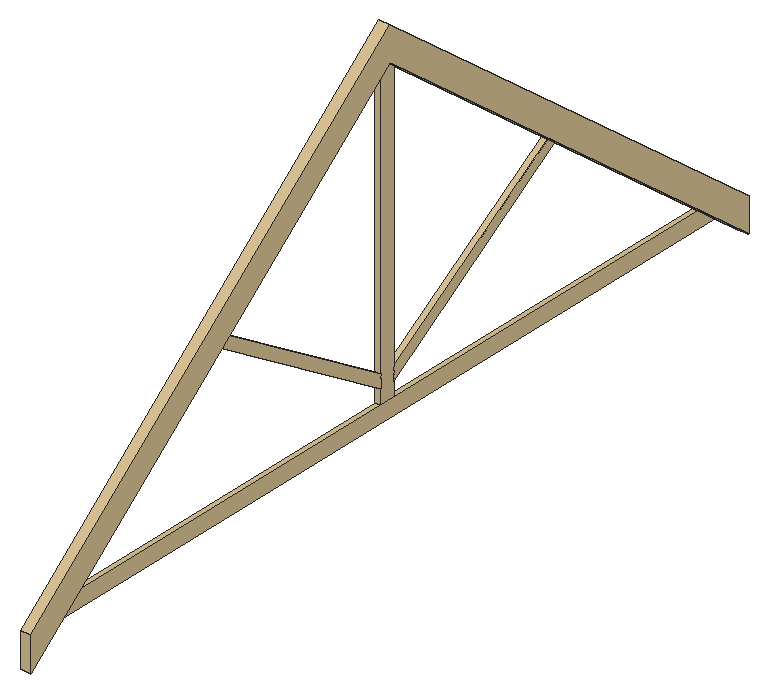
Revit family
Parameters
  Top Boom Thickness = 100 mm
  Top Boom Depth = 250 mm
  Strut Springing = 300 mm
  Span = 7500 mm
  Pitch = 38.00°
  Overhang = 350 mm
  Material Truss = Wood - Timber
  King Post Thickness = Bttm Boom Thickness  # 50 mm
  King Post Depth = 150 mm
  Keynote = "G20/350"
  Internals Thickness = Bttm Boom Thickness  # 50 mm
  Internals Depth = 100 mm
  Bttm Boom Thickness = 50 mm
  Bttm Boom Depth = 150 mm
Reference planes
  plane 1 "End1": y = 0
  plane 2: z = 0
  plane 3 "Center (Left/Right)": x = 0
  plane 4 "End2": y = 7500
  plane 5: y = 3750
  plane 6: y = -350
  plane 7: y = 7850
  plane 8: z = 300
  plane 9: y = 1875
  plane 10: y = 5625
Forms (mm)
  Extrusion 1, solid, material "Wood - Timber" <- "Material Truss"
    sketch origin (0, 0, 0) x (0, 1, 0) y (0, 0, 1)
      loop
        line (3675, 150) -> (3825, 150) -> (3825, 2871.225) -> (3750, 2929.821) -> (3675, 2871.225) -> (3675, 150)
    from 25 to -25
  Extrusion 2, solid, material "Wood - Timber" <- "Material Truss"
    sketch origin (0, 0, 0) x (0, 1, 0) y (0, 0, 1)
      loop
        line (1916.969, 1497.7) -> (1833.031, 1432.121) -> (3675, 287.732) -> (3675, 405.461) -> (1916.969, 1497.7)
      loop
        line (5666.969, 1432.121) -> (5583.031, 1497.7) -> (3825, 405.461) -> (3825, 287.732) -> (5666.969, 1432.121)
    from 25 to -25
  Extrusion 3, solid, material "Wood - Timber" <- "Material Truss"
    sketch origin (0, 0, 0) x (0, 1, 0) y (0, 0, 1)
      loop
        line (0, 0) -> (7500, 0) -> (7308.009, 150) -> (191.991, 150) -> (0, 0)
    from 25 to -25
  Extrusion 4, solid, material "Wood - Timber" <- "Material Truss"
    sketch origin (0, 0, 0) x (0, 1, 0) y (0, 0, 1)
      loop
        line (-350, -273.45) -> (3750, 2929.821) -> (7850, -273.45) -> (7850, 43.805) -> (3750, 3247.076) -> (-350, 43.805) -> (-350, -273.45)
    from 50 to -50
Lines and regions (mm)
  symbolic lines, style "InvisibleLines"
    curve 1: line (0, 0, 0) -> (0, 4334.059, 3386.138)
    curve 2: line (0, 7500, 0) -> (0, 3165.941, 3386.138)
    curve 3: line (0, 3750, 300) -> (0, 1875, 1464.911)
    curve 4: line (0, 3750, 300) -> (0, 5625, 1464.911)
Dimensions and locks
  "Span": plane 4 "End2" to plane 1 "End1"
  equal spacing: plane 1 "End1", plane 5, plane 4 "End2"
  "Overhang": plane 6 to plane 1 "End1"
  "Overhang": plane 7 to plane 4 "End2"
  equal spacing: Extrusion 1 sketch curve, plane 5, Extrusion 1 sketch curve
  "King Post Depth": Extrusion 1 sketch curve to Extrusion 1 sketch curve
  "Strut Springing": plane 8 to level
  equal spacing: plane 1 "End1", plane 9, plane 5
  equal spacing: plane 5, plane 10, plane 4 "End2"
  equal spacing: Extrusion 2 sketch curve, curve 3, Extrusion 2 sketch curve
  "Internals Depth": Extrusion 2 sketch curve to Extrusion 2 sketch curve  (x2)
  equal spacing: Extrusion 2 sketch curve, curve 4, Extrusion 2 sketch curve
  "Bttm Boom Depth": Extrusion 3 sketch curve to level
  equal spacing: Extrusion 3, plane 3 "Center (Left/Right)", Extrusion 3
  "Bttm Boom Thickness": Extrusion 3 to Extrusion 3
  equal spacing: Extrusion 1, plane 3 "Center (Left/Right)", Extrusion 1
  "King Post Thickness": Extrusion 1 to Extrusion 1
  "Top Boom Depth": curve 1 to Extrusion 4 sketch curve
  "Top Boom Depth": Extrusion 4 sketch curve to curve 2
  equal spacing: Extrusion 4, plane 3 "Center (Left/Right)", Extrusion 4
  "Top Boom Thickness": Extrusion 4 to Extrusion 4
  equal spacing: Extrusion 2, plane 3 "Center (Left/Right)", Extrusion 2
  "Internals Thickness": Extrusion 2 to Extrusion 2
  "Pitch": angle level to curve 1
  "Pitch": angle curve 2 to level
  aligned and locked: level to curve 1
  aligned and locked: plane 5 to curve 3
  aligned and locked: Extrusion 1 to Extrusion 2 sketch curve  (x2)
  aligned and locked: Extrusion 3 sketch curve to level
  aligned and locked: Extrusion 3 to Extrusion 1 sketch curve
  aligned and locked: Extrusion 4 sketch curve to curve 1
  aligned and locked: Extrusion 4 sketch curve to curve 2
  aligned and locked: Extrusion 4 sketch curve to plane 7
  aligned and locked: Extrusion 4 sketch curve to plane 6
  aligned and locked: curve 1 to Extrusion 1 sketch curve
  aligned and locked: curve 2 to Extrusion 1 sketch curve
Automatic sketch dimensions
  curve 1 to plane 1 "End1" = 0 mm
  curve 3 to plane 9 = 0 mm
  curve 4 to plane 10 = 0 mm
  curve 2 to level = 0 mm
  curve 2 to plane 4 "End2" = 0 mm
  curve 3 to plane 8 = 0 mm
  plane 9 to Extrusion 2 sketch curve = 41.969 mm
  Extrusion 2 sketch curve to plane 9 = 41.969 mm
  Extrusion 2 sketch curve to plane 10 = 41.969 mm
  plane 10 to Extrusion 2 sketch curve = 41.969 mm
  Extrusion 3 sketch curve to plane 1 "End1" = 0 mm
  Extrusion 3 sketch curve to plane 4 "End2" = 0 mm
  Extrusion 3 sketch curve to plane 1 "End1" = 191.991 mm
  Extrusion 3 sketch curve to plane 4 "End2" = 191.991 mm
